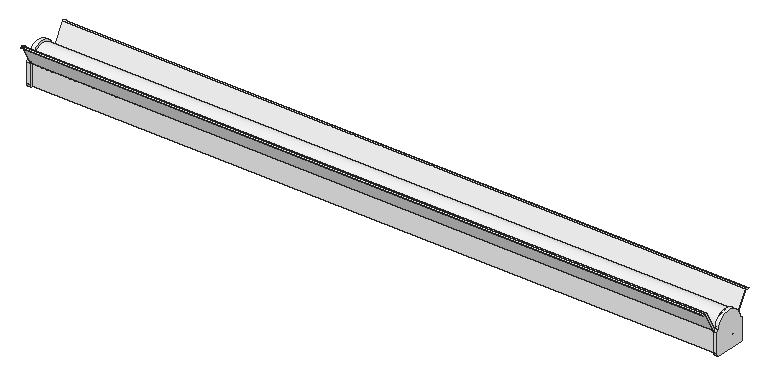
Revit family "0045174+0045235 Feilo Sylvania Lighting Fixture SYLBATTEN LED4 NW TP3 with SYMMETRIC REFLECTOR ACCESSORY 1500MM", category Lighting Fixtures, host Face, Revit 2017
Family settings
  Host = Face
  Round Connector Dimension = Use Diameter
  Part Type = Normal
  OmniClass Number = 23.80.70.00
  OmniClass Title = Lighting
  Cut with Voids When Loaded = No
  Light Source = Yes
  Shared = No
  Room Calculation Point = No
Parameters (values of type "0045174 SYLBATTEN LED4 NW TP3")
  Width_FEILO = 66 mm
  Weight = "3.064 kg"
  Wattage Comments = "n/a"
  Wattage = 39 W
  WarrantyStartDate [instance] = "n/a"
  WarrantyGuarantorParts = "n/a"
  WarrantyDurationUnit = "n/a"
  WarrantyDurationParts = "n/a"
  WarrantyDescription = "n/a"
  built-in parameter 1150110 = 1 (stored number, unit not read)
  Voltage = 230 V
  URL = "http://www.sylvania-lighting.com"
  TypeName = "SYLBATTEN LED4 NW TP3"
  Type Image = <None>
  Type Comments = "n/a"
  built-in parameter 1114217 = 1 (stored number, unit not read)
  Tilt Angle = -90.00°
  built-in parameter 1150109 = 1 (stored number, unit not read)
  built-in parameter 1150134 = 12
  SymReflector_FEILO = yes
  built-in parameter 1150113 = 1 (stored number, unit not read)
  SerialNumber [instance] = "n/a"
  PowerFactor = 0
  PowerConsumption = "39 W"
  Photometric Web File = "0045174+0045235.ies"
  NominalLength = 1505 mm
  NominalHeight = 91 mm
  NominalDepth = 122 mm
  Name = "SYLBATTEN LED4 NW TP3"
  ModelReference = Name  # "SYLBATTEN LED4 NW TP3"
  ModelNumber = "0045174"
  Model = Name  # "SYLBATTEN LED4 NW TP3"
  Material_4_FEILO = Reflector-Sylvania-Sylbatten-White
  Material_3_FEILO = Diffuser-Sylvania-Sylbatten-Glow
  Material_2_FEILO = Body-Sylvania-Sylbatten-White
  Material_1_FEILO = Body-Sylvania-Sylbatten-White
  Material = "sheet steel housing, polycarbonate diffuser"
  ManufacturerName = "Feilo Sylvania"
  Manufacturer = "Feilo Sylvania"
  LuminousEfficacy = "107.4 lm/W"
  built-in parameter 1150105 = 333.35 (stored number, unit not read)
  Lumens = 4188.99 lm
  LuminaireType = ""
  built-in parameter 1150115 = 1 (stored number, unit not read)
  LightOutputRatio = "100"
  built-in parameter 1150137 = (empty or 0)
  built-in parameter 1150139 = (empty or 0)
  Length_FEILO = 1505 mm
  LampsType = Lamp  # "LED"
  LampNominalLuminous = "4189 lm"
  LampMacAdamStep = "n/a"
  LampColourTemperature = "4000 K"
  LampColourRenderingIndex = "80"
  built-in parameter 1150112 = 1 (stored number, unit not read)
  built-in parameter 1150114 = 1 (stored number, unit not read)
  Lamp = "LED"
  Keynote = "16500"
  InstallationDate [instance] = "n/a"
  InputVoltage = "220-240V~"
  InputNominalFrequency = "n/a"
  built-in parameter 1150132 = (empty or 0)
  built-in parameter 1150102 = (empty or 0)
  built-in parameter 1150107 = 4000 (stored number, unit not read)
  built-in parameter 1150138 = (empty or 0)
  IngressProtection = "IP20"
  ImpactProtectionIndex = "IK07"
  built-in parameter 1150106 = 3.3335 (stored number, unit not read)
  IfcExportType = "IfcLightFixtureType"
  IfcExportAs = "IfcLightFixtureType"
  Height_FEILO = 76 mm
  ExpectedLife = 50000
  Emit from Rectangle Width = Length_FEILO - 16 mm  # 1489 mm
  Emit from Rectangle Length = Width_FEILO - 40 mm  # 26 mm
  Emit Shape Visible in Rendering = no
  ElectricShockClassification = "Class I"
  built-in parameter 1150104 = 9.9787 (stored number, unit not read)
  DurationUnit = "hours"
  DocumentationLiterature = "http://www.sylvania-lighting.com/product/en-int/products/0045174"
  DimmingControlOptions = "n/a"
  Dimming Lamp Color Temperature Shift = <None>
  Description = "LED batten, T8 replacement, ease of installation through 2 part push-in design of the housing (safety cable included), through wiring capability (TP3 = 3 core), sheet steel, 4189M, 39W, 107lm/W, 4000K, drive current: 350mA, CRI 80, 138° wide beam angle, electronic driver (non dimmable), IP20, IK07, 50,000 hrs (L70), (LxWxH) 1505x66x76mm, 5 step MacAdam ellipse, 3.7kg, white RAL9016, Class 1, 220-240V, energy class: A++, A+, A."
  Default Elevation = 1219.2 mm
  CreatedOn = "1/25/2018"
  CreatedBy = ""
  Cost = 0
  Color Filter = 16777215
  built-in parameter 1114216 [instance] = (empty or 0)
  ClassificationValue = "EF_70_80"
  ClassificationName = "Uniclass2015"
  CapOffset_FEILO = 2 mm
  BarCode [instance] = "n/a"
  built-in parameter 1114218 = 1 (stored number, unit not read)
  BackReflector_FEILO = and(not(AsymReflector_FEILO), SymReflector_FEILO)  # yes
  built-in parameter 1150133 = 10 (stored number, unit not read)
  FrontReflector_FEILO = or(AsymReflector_FEILO, SymReflector_FEILO)  # yes
  AsymReflector_FEILO = no
  AssetType = "Fixed"
  AssetIdentifier [instance] = "n/a"
  Assembly Code = "D5020200"
  Apparent Load = 39 VA
Reference planes
  plane 1 "Center (Front/Back)": y = 0
  plane 2: z = 0
  plane 3 "Center (Left/Right)": x = 0
  plane 4: x = 752.5
  plane 5: x = -752.5
  plane 6: y = 33
  plane 7: y = -33
  plane 8: z = 76
  plane 9: z = 47
  plane 10: y = -29
  plane 11: y = 29
  plane 12: z = 20
  plane 13: z = 74
  plane 14: y = -31
  plane 15: y = -27
  plane 16: y = 27
  plane 17: y = 31
  plane 18: z = 2
  plane 19: x = -744.5
  plane 20: x = 744.5
  plane 21: z = 49
  plane 22: y = 1
  plane 23: y = -1
  plane 24: z = 21
  plane 25: z = 19
  plane 26: y = -61
  plane 27: y = 61
  plane 28: y = -56
  plane 29: y = 56
  plane 30: z = 91
  plane 31: z = 88
Forms (mm)
  Extrusion 1, solid, material "Body-Sylvania-Sylbatten-White" <- "Material_2_FEILO"
    sketch origin (0, 0, 0) x (0, 1, 0) y (0, 0, 1)
      loop
        line (-31, 2) -> (31, 2) -> (31, 45)
        arc (31, 45) -> (30.414, 46.414) -> (29, 47) r 2
        line (29, 47) -> (27, 47)
        arc (27, 47) -> (0, 74) -> (-27, 47) r 27
        line (-27, 47) -> (-29, 47)
        arc (-29, 47) -> (-30.414, 46.414) -> (-31, 45) r 2
        line (-31, 45) -> (-31, 2)
    from -744.5 to 744.5
  Extrusion 2, solid, material "Body-Sylvania-Sylbatten-White" <- "Material_2_FEILO"
    sketch origin (752.5, 1524, 1219.2) x (0, 1, 0) y (0, 0, 1)
      loop
        arc (-1494, -1219.2) -> (-1491.879, -1218.321) -> (-1491, -1216.2) r 3
        line (-1491, -1216.2) -> (-1491, -1173.2)
        arc (-1491, -1173.2) -> (-1491.879, -1171.079) -> (-1494, -1170.2) r 3
        line (-1494, -1170.2) -> (-1495.069, -1170.2)
        arc (-1495.069, -1170.2) -> (-1524, -1143.2) -> (-1552.931, -1170.2) r 29
        line (-1552.931, -1170.2) -> (-1554, -1170.2)
        arc (-1554, -1170.2) -> (-1556.121, -1171.079) -> (-1557, -1173.2) r 3
        line (-1557, -1173.2) -> (-1557, -1216.2)
        arc (-1557, -1216.2) -> (-1556.121, -1218.321) -> (-1554, -1219.2) r 3
        line (-1554, -1219.2) -> (-1494, -1219.2)
      loop
        arc (-1525, -1189.25) -> (-1531.071, -1192.129) -> (-1533.95, -1198.2) r 10
        line (-1533.95, -1198.2) -> (-1532.944, -1198.2)
        arc (-1532.944, -1198.2) -> (-1530.364, -1192.836) -> (-1525, -1190.256) r 9
        line (-1525, -1190.256) -> (-1525, -1189.25)
      loop
        arc (-1523, -1190.256) -> (-1517.636, -1192.836) -> (-1515.056, -1198.2) r 9
        line (-1515.056, -1198.2) -> (-1514.05, -1198.2)
        arc (-1514.05, -1198.2) -> (-1516.929, -1192.129) -> (-1523, -1189.25) r 10
        line (-1523, -1189.25) -> (-1523, -1190.256)
      loop
        line (-1532.944, -1200.2) -> (-1533.95, -1200.2)
        arc (-1533.95, -1200.2) -> (-1531.071, -1206.271) -> (-1525, -1209.15) r 10
        line (-1525, -1209.15) -> (-1525, -1208.144)
        arc (-1525, -1208.144) -> (-1530.364, -1205.564) -> (-1532.944, -1200.2) r 9
      loop
        arc (-1515.056, -1200.2) -> (-1517.636, -1205.564) -> (-1523, -1208.144) r 9
        line (-1523, -1208.144) -> (-1523, -1209.15)
        arc (-1523, -1209.15) -> (-1516.929, -1206.271) -> (-1514.05, -1200.2) r 10
        line (-1514.05, -1200.2) -> (-1515.056, -1200.2)
    from 0 to -8
  Extrusion 3, solid, material "Body-Sylvania-Sylbatten-White" <- "Material_2_FEILO"
    sketch origin (-752.5, 1524, 1219.2) x (0, 1, 0) y (0, 0, 1)
      loop
        arc (-1495.069, -1170.2) -> (-1524, -1143.2) -> (-1552.931, -1170.2) r 29
        line (-1552.931, -1170.2) -> (-1554, -1170.2)
        arc (-1554, -1170.2) -> (-1556.121, -1171.079) -> (-1557, -1173.2) r 3
        line (-1557, -1173.2) -> (-1557, -1216.2)
        arc (-1557, -1216.2) -> (-1556.121, -1218.321) -> (-1554, -1219.2) r 3
        line (-1554, -1219.2) -> (-1494, -1219.2)
        arc (-1494, -1219.2) -> (-1491.879, -1218.321) -> (-1491, -1216.2) r 3
        line (-1491, -1216.2) -> (-1491, -1173.2)
        arc (-1491, -1173.2) -> (-1491.879, -1171.079) -> (-1494, -1170.2) r 3
        line (-1494, -1170.2) -> (-1495.069, -1170.2)
      loop
        line (-1533.95, -1198.2) -> (-1532.944, -1198.2)
        arc (-1532.944, -1198.2) -> (-1530.364, -1192.836) -> (-1525, -1190.256) r 9
        line (-1525, -1190.256) -> (-1525, -1189.25)
        arc (-1525, -1189.25) -> (-1531.071, -1192.129) -> (-1533.95, -1198.2) r 10
      loop
        line (-1523, -1189.25) -> (-1523, -1190.256)
        arc (-1523, -1190.256) -> (-1517.636, -1192.836) -> (-1515.056, -1198.2) r 9
        line (-1515.056, -1198.2) -> (-1514.05, -1198.2)
        arc (-1514.05, -1198.2) -> (-1516.929, -1192.129) -> (-1523, -1189.25) r 10
      loop
        line (-1514.05, -1200.2) -> (-1515.056, -1200.2)
        arc (-1515.056, -1200.2) -> (-1517.636, -1205.564) -> (-1523, -1208.144) r 9
        line (-1523, -1208.144) -> (-1523, -1209.15)
        arc (-1523, -1209.15) -> (-1516.929, -1206.271) -> (-1514.05, -1200.2) r 10
      loop
        line (-1525, -1209.15) -> (-1525, -1208.144)
        arc (-1525, -1208.144) -> (-1530.364, -1205.564) -> (-1532.944, -1200.2) r 9
        line (-1532.944, -1200.2) -> (-1533.95, -1200.2)
        arc (-1533.95, -1200.2) -> (-1531.071, -1206.271) -> (-1525, -1209.15) r 10
    from 0 to 8
  Extrusion 4, solid, material "Reflector-Sylvania-Sylbatten-White" <- "Material_4_FEILO", visible <- "FrontReflector_FEILO"
    sketch origin (0, 0, 0) x (0, 1, 0) y (0, 0, 1)
      loop
        line (-61.257, 88.429) -> (-60.743, 87.571) -> (-56.621, 90.044)
        arc (-56.621, 90.044) -> (-56.237, 90.099) -> (-55.929, 89.863) r 0.5
        line (-55.929, 89.863) -> (-31.435, 46.753) -> (-30.565, 47.247) -> (-55.312, 90.802)
        arc (-55.312, 90.802) -> (-55.928, 91.275) -> (-56.696, 91.165) r 1
        line (-56.696, 91.165) -> (-61.257, 88.429)
    from -744.5 to 744.5
  Extrusion 5, solid, material "Reflector-Sylvania-Sylbatten-White" <- "Material_4_FEILO", visible <- "BackReflector_FEILO"
    sketch origin (0, 0, 0) x (0, 1, 0) y (0, 0, 1)
      loop
        line (30.565, 47.247) -> (31.435, 46.753) -> (55.932, 89.868)
        arc (55.932, 89.868) -> (56.245, 90.112) -> (56.638, 90.062) r 0.518
        line (56.638, 90.062) -> (61.033, 87.565) -> (61.527, 88.435) -> (56.682, 91.188)
        arc (56.682, 91.188) -> (55.922, 91.282) -> (55.318, 90.812) r 1
        line (55.318, 90.812) -> (30.565, 47.247)
    from -744.5 to 744.5
Lines and regions (mm)
  reference lines
    curve 1: line (0, -61, 88) -> (0, -56, 91)
    curve 2: line (0, -56, 91) -> (0, -31, 47)
    curve 3: line (0, 31, 47) -> (0, 56, 91)
    curve 4: line (0, 56, 91) -> (0, 61.28, 88)
Dimensions and locks
  equal spacing: plane 5, plane 3 "Center (Left/Right)", plane 4
  equal spacing: plane 7, plane 1 "Center (Front/Back)", plane 6
  "Width_FEILO": plane 7 to plane 6
  "Length_FEILO": plane 5 to plane 4
  "Height_FEILO": plane 8 to plane 2
  locked: plane 9 to plane 8 at 29
  equal spacing: plane 10, plane 1 "Center (Front/Back)", plane 11
  locked: plane 7 to plane 10 at 4
  locked: plane 12 to plane 2 at 20
  "CapOffset_FEILO": plane 13 to plane 8
  "CapOffset_FEILO": plane 7 to plane 14
  "CapOffset_FEILO": plane 10 to plane 15
  "CapOffset_FEILO": plane 17 to plane 6
  "CapOffset_FEILO": plane 16 to plane 11
  "CapOffset_FEILO": plane 18 to plane 2
  locked: plane 14 to Extrusion 1 sketch curve at 2
  locked: Extrusion 1 sketch curve to plane 9 at 2  (x2)
  locked: plane 16 to Extrusion 1 sketch curve at 2
  equal spacing: plane 19, plane 3 "Center (Left/Right)", plane 20
  locked: plane 5 to plane 19 at 8
  "CapOffset_FEILO": plane 9 to plane 21
  locked: Extrusion 2 sketch curve to plane 2 at 47
  locked: Extrusion 1 sketch curve to plane 2 at 47
  locked: Extrusion 2 sketch curve to plane 2 at 3  (x2)
  locked: plane 7 to Extrusion 2 sketch curve at 3  (x2)
  locked: Extrusion 2 sketch curve to plane 6 at 3  (x2)
  locked: Extrusion 2 sketch curve to plane 21 at 3  (x2)
  equal spacing: plane 23, plane 1 "Center (Front/Back)", plane 22
  equal spacing: plane 25, plane 12, plane 24
  plane 30 to plane 31 to plane 2 = 3 mm locked, 88 mm locked
  plane 28 to plane 29 = 112 mm
  plane 26 to plane 27 = 122 mm
  aligned and locked: plane 2 to host face
  aligned and locked: level to host face
  aligned and locked: plane 18 to Extrusion 1 sketch curve
  aligned and locked: plane 14 to Extrusion 1 sketch curve
  aligned and locked: Extrusion 1 sketch curve to plane 9  (x2)
  aligned and locked: Extrusion 1 sketch curve to plane 17
  aligned and locked: plane 15 to Extrusion 1 sketch curve
  aligned and locked: plane 16 to Extrusion 1 sketch curve
  aligned and locked: plane 9 to Extrusion 1 sketch curve
  aligned and locked: plane 20 to Extrusion 1
  aligned and locked: level to Extrusion 2 sketch curve
  aligned and locked: Extrusion 2 sketch curve to plane 7
  aligned and locked: plane 21 to Extrusion 2 sketch curve
  aligned and locked: Extrusion 2 sketch curve to plane 21
  aligned and locked: plane 1 "Center (Front/Back)" to Extrusion 2 sketch curve  (x3)
  aligned and locked: Extrusion 2 to Extrusion 1
  aligned and locked: plane 4 to Extrusion 2
  aligned and locked: plane 12 to Extrusion 2 sketch curve  (x2)
  aligned and locked: Extrusion 2 sketch curve to plane 22
  aligned and locked: Extrusion 2 sketch curve to plane 23
  aligned and locked: Extrusion 2 sketch curve to plane 24
  aligned and locked: Extrusion 2 sketch curve to plane 25
  aligned and locked: plane 25 to Extrusion 2 sketch curve
  aligned and locked: plane 22 to Extrusion 2 sketch curve
  aligned and locked: plane 24 to Extrusion 2 sketch curve
  aligned and locked: plane 23 to Extrusion 2 sketch curve  (x2)
  aligned and locked: Extrusion 3 sketch curve to Extrusion 2  (x22)
  aligned and locked: Extrusion 3 to Extrusion 1
  aligned and locked: Extrusion 3 to plane 5
  aligned and locked: plane 19 to Extrusion 3
  aligned and locked: plane 31 to curve 1
  aligned and locked: plane 30 to curve 1
  aligned and locked: plane 14 to curve 2
  aligned and locked: plane 9 to curve 2
  aligned and locked: plane 17 to curve 3
  aligned and locked: plane 30 to curve 3
  aligned and locked: plane 31 to curve 4
  aligned and locked: Extrusion 4 sketch curve to curve 2
  aligned and locked: Extrusion 4 sketch curve to curve 1
  aligned and locked: Extrusion 4 to Extrusion 1
  aligned and locked: Extrusion 1 to Extrusion 4
  aligned and locked: imposter light to plane 1 "Center (Front/Back)"
  aligned and locked: imposter light to plane 3 "Center (Left/Right)"
  aligned and locked: imposter light to plane 13
  aligned and locked: Extrusion 5 sketch curve to curve 4
  aligned and locked: Extrusion 5 sketch curve to curve 3
  aligned and locked: Extrusion 1 to Extrusion 5
  aligned and locked: Extrusion 5 to Extrusion 1
Automatic sketch dimensions
  host sketch curve to host sketch curve = 2438.4 mm  (x2)
  Extrusion 2 sketch curve to Extrusion 2 sketch curve = 0 mm  (x14)
  Extrusion 2 sketch curve to plane 10 = 0.069 mm
  plane 23 to Extrusion 2 sketch curve = 8.95 mm
  Extrusion 2 sketch curve to Extrusion 2 sketch curve = 1.006 mm  (x4)
  Extrusion 2 sketch curve to plane 22 = 7.944 mm
  curve 1 to plane 26 = 0 mm
  curve 2 to plane 28 = 0 mm
  curve 4 to plane 29 = 0 mm
  plane 9 to curve 3 = 0 mm
  plane 26 to Extrusion 4 sketch curve = 0.257 mm
  Extrusion 4 sketch curve to plane 26 = 0.257 mm
  Extrusion 4 sketch curve to plane 30 = 0.165 mm
  plane 28 to Extrusion 4 sketch curve = 0.696 mm
  plane 28 to Extrusion 4 sketch curve = 0.621 mm
  plane 28 to Extrusion 4 sketch curve = 0.364 mm
  plane 28 to Extrusion 4 sketch curve = 0.182 mm
  Extrusion 4 sketch curve to plane 28 = 0.071 mm
  plane 30 to Extrusion 4 sketch curve = 0.198 mm
  Extrusion 4 sketch curve to plane 28 = 0.688 mm
  plane 9 to Extrusion 4 sketch curve = 0.247 mm
  plane 1 "Center (Front/Back)" to Extrusion 4 sketch curve = 31.435 mm
  Extrusion 5 sketch curve to plane 9 = 0.247 mm
  Extrusion 5 sketch curve to plane 1 "Center (Front/Back)" = 30.565 mm
  plane 9 to Extrusion 5 sketch curve = 0.247 mm
  plane 30 to Extrusion 5 sketch curve = 0.188 mm
  plane 29 to Extrusion 5 sketch curve = 0.068 mm
  Extrusion 5 sketch curve to plane 29 = 0.188 mm
  Extrusion 5 sketch curve to plane 29 = 0.382 mm
  Extrusion 5 sketch curve to Extrusion 5 sketch curve = 0.256 mm
  Extrusion 5 sketch curve to plane 30 = 0.188 mm
  Extrusion 5 sketch curve to plane 29 = 0.682 mm
  Extrusion 5 sketch curve to plane 27 = 0.033 mm
  Extrusion 5 sketch curve to plane 27 = 0.527 mm
Connectors
  electrical at (0, 0, 0), driven by "Apparent Load", driven by "PowerFactor", driven by "Voltage"
    settings: index 1, voltage 230 V, apparent load 39 VA, apparent load phase1 0 VA, apparent load phase2 0 VA, apparent load phase3 0 VA, power factor 0, load classification "Lighting", number of poles 1, system type 30, power factor state 1, is connector primary yes, connector utility no, sub classification motor no, connector description ""
